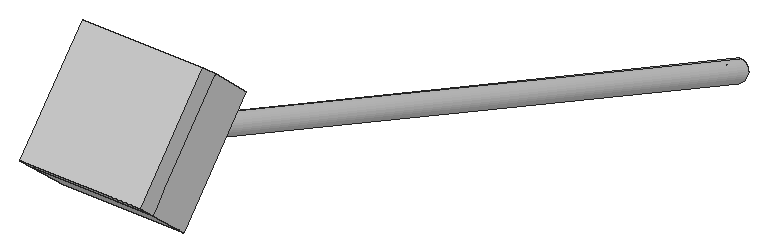
Revit family "GSM-SON-CSH-SoilNail-05", category Site, Revit 2020
Family settings
  Round Connector Dimension = Use Diameter
  Part Type = Normal
  Work Plane-Based = No
  Always vertical = Yes
  Cut with Voids When Loaded = No
  Shared = No
Parameters (values of type "Nail Head_600x600")
  Verification [instance] = ""
  Soil Nail Total Length [instance] = 4000 mm
  Soil Nail Material = Ribbed Reinforcement
  Soil Nail Inclination [instance] = 20.00°
  Soil Nail Head Material = Concrete Grade 30/20
  Soil Nail Dia [instance] = 50 mm
  OmniClassVersion [instance] = "National Standard - 2012-05-16"
  OmniClassTitle [instance] = "Earth Reinforcement Soil Nails"
  OmniClassCode [instance] = "23-11 11 13 11"
  Nail Head to Pivot [instance] = (Nail Head Width * -1 - 50 mm - 82 mm) / cos(Nail Head Angle - Soil Nail Inclination)  # 125.573 mm
  Nail Head Hessian Bag Fill = Soil Mix
  Nail Head Angle [instance] = 40.00°
  Model Number [instance] = ""
  Material Grade [instance] = ""
  Manufacturer Name [instance] = ""
  Location [instance] = ""
  LOD-I [instance] = "300"
  LOD-G [instance] = "300"
  Hole Fill Material = Cement Grout
  Nail Head Width = -250 mm
  Nail Head Length = 600 mm
  Hole Dia [instance] = 100 mm
  Handover Date [instance] = ""
  Equipment Capacity [instance] = ""
  Design Capacity [instance] = ""
  Departmental Unique ID [instance] = ""
  Default Elevation = 0 mm
  Corrosion Protection Layer Material = Corrugated Sheath
  Corrosion Protection Dia.Outer [instance] = Corrosion Protection Dia. + 5 mm  # 75 mm
  Corrosion Protection Layer [instance] = no
  Corrosion Protection Dia. [instance] = Soil Nail Dia + 20 mm  # 70 mm
  Contract Number of the Equipment [instance] = ""
  Certified Completion Date [instance] = ""
  CAT Code [instance] = "GSM"
  Brand Name [instance] = ""
  Asset ID [instance] = ""
Types (4, lengths in mm): name | Nail Head Length
  (no name) | 600
  Nail Head_400x400 | 400
  Nail Head_600x600 | 600
  Nail Head_800x800 | 800
Reference planes
  plane 1 "Center (Front/Back)": y = 0
  plane 2: z = 0
  plane 3 "Center (Left/Right)": x = 0
Forms (mm)
  Extrusion 1, solid, material "Concrete Grade 30/20" <- "Soil Nail Head Material"
    sketch origin (0, 180.816, -95.657) x (1, 0, 0) y (0, -0.642788, -0.766044)
      loop
        line (300, -300) -> (300, 300) -> (-300, 300) -> (-300, -300) -> (300, -300)
    from 0 to -250 <- "Nail Head Width"
  Sweep 2, solid, material "Ribbed Reinforcement" <- "Soil Nail Material"
    path in 3D
      loop
        line (0, 0, 0) -> (0, 3758.77, -1368.081)
    profile origin (0, 1879.385, -684.04) x (0, 0.34202, 0.939693) y (1, 0, 0)
      loop
        circle (0, 0) r 25
  Sweep 3, solid, material "Cement Grout" <- "Hole Fill Material"
    path in 3D
      loop
        line (0, 135.364, -49.268) -> (0, 3805.755, -1385.182)
    profile origin (0, 1970.56, -717.225) x (0, 0.34202, 0.939693) y (1, 0, 0)
      loop
        circle (0, 0) r 50
      loop
        circle (0, 0) r 25
  Sweep 4, solid, material "Corrugated Sheath" <- "Corrosion Protection Layer Material", visible <- "Corrosion Protection Layer"
    path in 3D
      loop
        line (0, 135.364, -49.268) -> (0, 3805.755, -1385.182)
    profile origin (0, 1970.56, -717.225) x (0, 0.34202, 0.939693) y (1, 0, 0)
      loop
        circle (0, 0) r 37.5
      loop
        circle (0, 0) r 35
  Extrusion 5, solid, material "Soil Mix" <- "Nail Head Hessian Bag Fill"
    sketch origin (0, -10.695, 65.04) x (-1, 0, 0) y (0, -0.642788, -0.766044)
      loop
        line (300, -300) -> (300, 300) -> (-300, 300) -> (-300, -300) -> (300, -300)
    from 0 to 100
Lines and regions (mm)
  reference lines
    curve 1: line (0, 0, 0) -> (0, 118, -42.948)
    curve 2: line (0, 118, -42.948) -> (0, 180.943, -42.948)
    curve 3: line (0, 118, -42.948) -> (0, 180.816, -95.657)
    curve 4: line (0, 0, 0) -> (0, 3758.77, -1368.081)
  sketch lines
    curve 5: line (0, 0, 0) -> (0, 3758.77, -1368.081)
    curve 6: line (0, 135.364, -49.268) -> (0, 3805.755, -1385.182)
    curve 7: line (0, 135.364, -49.268) -> (0, 3805.755, -1385.182)
Dimensions and locks
  "Nail Head to Pivot": curve 1 to curve 1
  "Nail Head Length": Extrusion 1 sketch curve to Extrusion 1 sketch curve  (x2)
  equal spacing: Extrusion 1 sketch curve, curve 3, Extrusion 1 sketch curve  (x2)
  "Soil Nail Total Length": curve 4 to curve 4
  Extrusion 1 to curve 4 = 50 mm
  "Soil Nail Dia": diameter of Sweep 2 sketch curve
  "Soil Nail Dia": diameter of Sweep 3 sketch curve
  "Hole Dia": diameter of Sweep 3 sketch curve
  "Corrosion Protection Dia.": diameter of Sweep 4 sketch curve
  "Corrosion Protection Dia.Outer": diameter of Sweep 4 sketch curve
  "Soil Nail Inclination": angle curve 1 to level
  "Nail Head Angle": angle curve 3 to curve 2
  "Soil Nail Inclination": angle curve 4 to level
  aligned and locked: level to plane 2
Automatic sketch dimensions
  Extrusion 5 sketch curve to Extrusion 1 = 0 mm  (x3)
  Extrusion 1 to Extrusion 5 sketch curve = 0 mm
  curve 4 to level = 0 mm
  curve 4 to plane 1 "Center (Front/Back)" = 0 mm
  Sweep 2 sketch curve to profile plane = 0 mm  (x2)
  Sweep 3 sketch curve to Sweep 3 sketch curve = 0 mm  (x2)
  Sweep 3 sketch curve to profile plane = 0 mm  (x2)
  Sweep 4 sketch curve to Sweep 4 sketch curve = 0 mm  (x2)
  Sweep 4 sketch curve to profile plane = 0 mm  (x2)
Nested families
  nested 1: "GSM-SON-CSH-SoilNailSymbol-05" at (0, 0, 0), type "GSM-SON-CSH-SoilNailSymbol-05"
Definition of nested family "GSM-SON-CSH-SoilNailSymbol-05"
  Reference planes
    plane 1: y = 0
    plane 2: x = 0
  Lines and regions (mm)
    detail lines
      curve 1: line (0.75, 0.75, 0) -> (0.75, -0.75, 0)
      curve 2: line (-0.75, 0.75, 0) -> (-0.75, -0.75, 0)
      curve 3: line (-0.75, 0.75, 0) -> (0.75, 0.75, 0)
      curve 4: line (-0.75, -0.75, 0) -> (0.75, -0.75, 0)
      curve 7: line (3.137, -0.75, 0) -> (3.137, 0.75, 0)
      curve 8: line (4.137, 0.75, 0) -> (4.137, -0.75, 0)
      curve 9: line (3.137, 0.75, 0) -> (4.137, -0.75, 0)
    reference lines
      curve 5: line (1.75, -0.75, 0) -> (1.75, 1.882, 0)
      curve 6: line (2.75, -0.972, 0) -> (2.75, 1.882, 0)
      curve 10: line (2.75, 0.75, 0) -> (1.4, 0.75, 0)
      curve 11: line (2.75, -0.75, 0) -> (1.511, -0.75, 0)
  Nested families
    nested 1: "Sign Pole 2D" at (2.259, -0.033, 0), type "Sign Pole 2D"
  Definition of nested family "Sign Pole 2D"
    Reference planes
      plane 1: y = 0
      plane 2: x = 0
    Lines and regions (mm)
      detail lines
        curve 1: arc (-0.409, 0.38, 0) -> (-0.004, 0.785, 0) -> (0.401, 0.38, 0) r 0.405
        curve 2: arc (0.396, -0.36, 0) -> (-0.028, -0.724, 0) -> (-0.413, -0.32, 0) r 0.405
        curve 3: arc (-0.409, 0.38, 0) -> (-0.402, 0.279, 0) -> (-0.38, 0.179, 0) r 0.707
        curve 4: arc (0.396, -0.36, 0) -> (0.394, -0.269, 0) -> (0.38, -0.179, 0) r 0.707
        curve 5: line (-0.38, 0.179, 0) -> (0.38, -0.179, 0)
